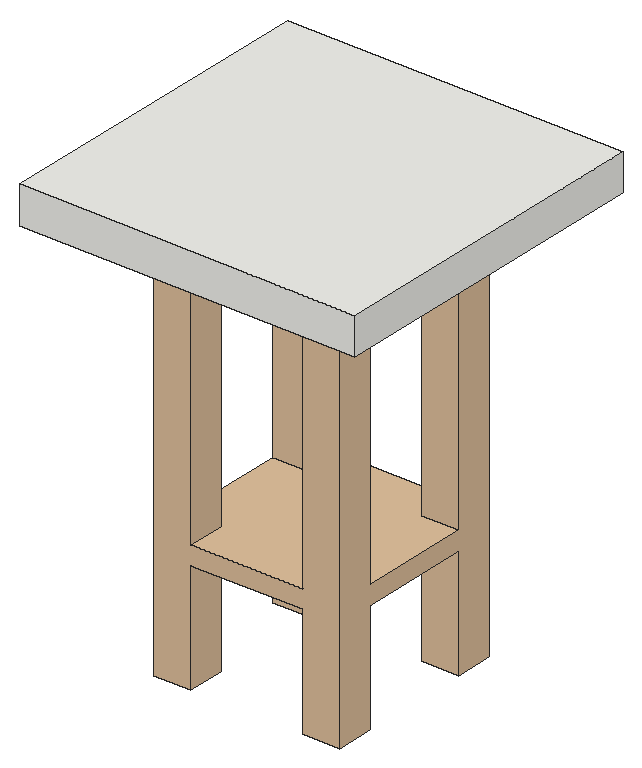
Revit family
Parameters (values of type "0457 x 0457 x 0610mm")
  Base Material = Wood - Birch
  Depth = 457.00 mm
  Height = 610.00 mm
  Top Material = Laminate - Ivory,Matte
  Width = 457.00 mm
Types (3, lengths in mm): name | Depth | Height | Width
  (no name) | 457.00 | 610.00 | 457.00
  0610 x 0610 x 0762mm | 610.00 | 762.00 | 610.00
  0457 x 0457 x 0610mm | 457.00 | 610.00 | 457.00
Reference planes
  plane 1: y = 0
  plane 2: z = 0
  plane 3: x = 3.734
  plane 4: x = 460.734
  plane 5: y = 457
  plane 6: y = 228.5
  plane 7: x = 232.234
  plane 8: z = 610
  plane 9: z = 559.2
Forms (mm)
  Extrusion 1, solid, material "Laminate - Ivory,Matte" <- "Top Material"
    sketch origin (0, 0, 0) x (1, 0, 0) y (0, 1, 0)
      loop
        line (3.734, 0) -> (460.734, 0) -> (460.734, 457) -> (3.734, 457) -> (3.734, 0)
    from 559.2 to 610
  Extrusion 2, solid, material "Wood - Birch" <- "Base Material"
    sketch origin (0, 0, 0) x (1, 0, 0) y (0, 1, 0)
      loop
        line (105.334, 355.4) -> (105.334, 304.6) -> (156.134, 304.6) -> (156.134, 355.4) -> (105.334, 355.4)
      loop
        line (105.334, 152.4) -> (105.334, 101.6) -> (156.134, 101.6) -> (156.134, 152.4) -> (105.334, 152.4)
      loop
        line (308.334, 355.4) -> (308.334, 304.6) -> (359.134, 304.6) -> (359.134, 355.4) -> (308.334, 355.4)
      loop
        line (308.334, 152.4) -> (308.334, 101.6) -> (359.134, 101.6) -> (359.134, 152.4) -> (308.334, 152.4)
    from 0 to 559.2
  Extrusion 3, solid, material "Wood - Birch" <- "Base Material"
    sketch origin (0, 0, 0) x (1, 0, 0) y (0, 1, 0)
      loop
        line (308.334, 355.4) -> (156.134, 355.4) -> (156.134, 304.6) -> (105.334, 304.6) -> (105.334, 152.4) -> (156.134, 152.4) -> (156.134, 101.6) -> (308.334, 101.6) -> (308.334, 152.4) -> (359.134, 152.4) -> (359.134, 304.6) -> (308.334, 304.6) -> (308.334, 355.4)
    from 152.4 to 177.8
Cuts and joins
  joined: Extrusion 2, Extrusion 3
Lines and regions (mm)
  Masking region 1
    outline origin (0, 0, 0) x (1, 0, 0) y (0, 1, 0)
      loop
        line (3.734, 457) -> (3.734, 0) -> (460.734, 0) -> (460.734, 457) -> (3.734, 457)
Dimensions and locks
  locked: Extrusion 1 to Extrusion 1 at 50.8
  locked: Extrusion 1 to Extrusion 2 sketch curve at 101.6  (x4)
  locked: Extrusion 2 sketch curve to Extrusion 1 at 101.6  (x4)
  locked: Extrusion 2 sketch curve to Extrusion 2 sketch curve at 50.8  (x8)
  "Width": plane 3 to plane 4
  "Depth": plane 5 to plane 1
  equal spacing: plane 3, plane 7, plane 4
  equal spacing: plane 5, plane 6, plane 1
  "Height": plane 8 to plane 2
  locked: plane 8 to plane 9 at 50.8
  aligned and locked: plane 1 to Extrusion 1 sketch curve
  aligned and locked: level to plane 2
  aligned and locked: Extrusion 3 sketch curve to Extrusion 2  (x3)
  aligned and locked: Extrusion 2 to Extrusion 3 sketch curve  (x2)
  aligned and locked: plane 8 to Extrusion 1
  aligned and locked: plane 9 to Extrusion 2
  aligned and locked: Masking region 1 sketch curve to plane 5
  aligned and locked: Masking region 1 sketch curve to plane 1
  aligned and locked: plane 4 to Masking region 1 sketch curve
  aligned and locked: Masking region 1 sketch curve to plane 3
Automatic sketch dimensions
  Extrusion 1 sketch curve to plane 3 = 0.00 mm
  plane 3 to Extrusion 3 sketch curve = 101.60 mm
  Extrusion 3 sketch curve to Extrusion 3 sketch curve = 50.80 mm  (x4)
  Extrusion 3 sketch curve to plane 1 = 101.60 mm
  plane 4 to Extrusion 3 sketch curve = 152.40 mm
  Extrusion 1 sketch curve to plane 4 = 0.00 mm
  Extrusion 1 sketch curve to plane 5 = 0.00 mm
